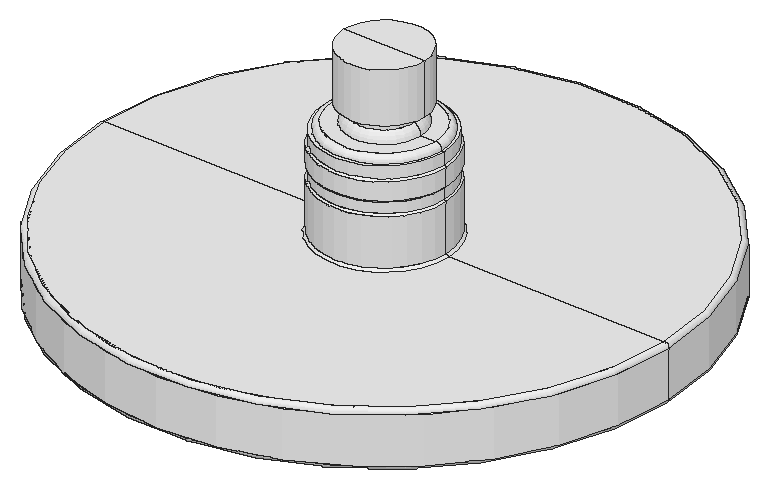
Revit family "Showerhead-American_Standard-Modern_Rain-1660.681.002", category Plumbing Fixtures, Revit 2015
Parameters (values of type "1660.681.002")
  Width = 6 3/4"  # constant formula
  Waste Connection = no
  WFU = 4  # constant formula
  Vent Connection = no
  URL = "http://www.americanstandard-us.com"
  Tempered Water Connection Radius = 1/4"
  Tempered Water Connection Diameter = Tempered Water Connection Radius * 2  # 1/2"
  Revised Date = "11/28/2019"  # constant formula
  Product Page URL = "https://www.americanstandard-us.com/bathroom/shower-faucets/6-34-inch-modern-rain-showerhead-22444"
  Product Documentation Link = "https://www.americanstandard-us.com/-/media/sites/asus/files/product-specs/bulk/specsheet1660681.pdf?la=en"
  Model = "1660.681.002"
  Material = "Brass-American Standard-002-Polished Chrome"
  Manufacturer = "American Standard"
  Height = 2 5/8"  # constant formula
  HWFU = 3  # constant formula
  HW Connection = yes
  Flow Rate = "2.5 gpm (9.5 L/min)"  # constant formula
  Finish = Brass-American Standard-002-Polished Chrome
  Description = "6-3/4 Inch Modern Rain Showerhead"  # constant formula
  CWFU = 3  # constant formula
  CW Connection = yes
  Assembly Code = "D2010700"
Types (3): name | Model | Material | Finish
  (no name) | "1660.681.002" | "Brass-American Standard-002-Polished Chrome" | Brass-American Standard-002-Polished Chrome
  1660.681.002 | "1660.681.002" | "Brass-American Standard-002-Polished Chrome" | Brass-American Standard-002-Polished Chrome
  1660.681.295 | "1660.681.295" | "Brass-American Standard-295-Brushed Nickel" | Brass-American Standard-295-Brushed Nickel
Reference planes (in)
  plane 1 "Center (Front/Back)": y = 0
  plane 2: z = 0
  plane 3 "Center (Left/Right)": x = 0
  plane 4: x = -3.375
  plane 5: x = 3.375
Forms (in)
  Revolve 1, solid, material "Brass-American Standard-002-Polished Chrome" <- "Finish"
    sketch origin (0, 0, -2.625) x (1, 0, 0) y (0, 0, 1)
      loop
        line (-0.47738, 2.625) -> (-0.47738, 2.03037) -> (-0.36394, 2.03037) -> (-0.36394, 1.93218)
        arc (-0.36394, 1.93218) -> (-0.40845, 1.87908) -> (-0.43218, 1.81398) r 0.20018
        line (-0.43218, 1.81398) -> (-0.60499, 1.81398)
        arc (-0.60499, 1.81398) -> (-0.6557, 1.79298) -> (-0.6767, 1.74226) r 0.07172
        line (-0.6767, 1.74226) -> (-0.71212, 1.74226) -> (-0.71212, 1.60647) -> (-0.73459, 1.584) -> (-0.73459, 1.37921) -> (-0.71212, 1.35674) -> (-0.71212, 1.2369) -> (-0.73459, 1.21442) -> (-0.73459, 0.6702) -> (-0.76201, 0.64278) -> (-3.31867, 0.64278)
        arc (-3.31867, 0.64278) -> (-3.3585, 0.62628) -> (-3.375, 0.58645) r 0.05633
        line (-3.375, 0.58645) -> (-3.375, 0.0417)
        arc (-3.375, 0.0417) -> (-3.36279, 0.01221) -> (-3.3333, 0) r 0.0417
        line (-3.3333, 0) -> (0, 0) -> (0, 2.625) -> (-0.47738, 2.625)
      axis (0, 0) -> (0, 2.625)
    angle from 0 to 360
  Extrusion 2, solid, material "Rubber-American Standard-Grey"
    sketch origin (0, 0, 0) x (1, 0, 0) y (0, 1, 0)
      loop
        circle (0, 2.8125) r 0.09005
      loop
        circle (2.8125, 0) r 0.09005
      loop
        circle (-2.8125, 0) r 0.09005
      loop
        circle (0, -2.8125) r 0.09005
      loop
        circle (1.98874, 1.98874) r 0.09005
      loop
        circle (1.98874, -1.98874) r 0.09005
      loop
        circle (-1.98874, 1.98874) r 0.09005
      loop
        circle (-1.98874, -1.98874) r 0.09005
      loop
        circle (2.59841, 1.0763) r 0.09005
      loop
        circle (1.0763, -2.59841) r 0.09005
      loop
        circle (-1.0763, 2.59841) r 0.09005
      loop
        circle (-2.59841, -1.0763) r 0.09005
      loop
        circle (2.59841, -1.0763) r 0.09005
      loop
        circle (-1.0763, -2.59841) r 0.09005
      loop
        circle (1.0763, 2.59841) r 0.09005
      loop
        circle (-2.59841, 1.0763) r 0.09005
      loop
        circle (0.46334, 2.32937) r 0.09005
      loop
        circle (1.31948, 1.97474) r 0.09005
      loop
        circle (1.97474, 1.31948) r 0.09005
      loop
        circle (2.32937, 0.46334) r 0.09005
      loop
        circle (2.32937, -0.46334) r 0.09005
      loop
        circle (1.97474, -1.31948) r 0.09005
      loop
        circle (1.31948, -1.97474) r 0.09005
      loop
        circle (0.46334, -2.32937) r 0.09005
      loop
        circle (-0.46334, -2.32937) r 0.09005
      loop
        circle (-1.31948, -1.97474) r 0.09005
      loop
        circle (-1.97474, -1.31948) r 0.09005
      loop
        circle (-2.32937, -0.46334) r 0.09005
      loop
        circle (-2.32937, 0.46334) r 0.09005
      loop
        circle (-1.97474, 1.31948) r 0.09005
      loop
        circle (-1.31948, 1.97474) r 0.09005
      loop
        circle (-0.46334, 2.32937) r 0.09005
      loop
        circle (0, 1.8125) r 0.09005
      loop
        circle (0.69361, 1.67453) r 0.09005
      loop
        circle (1.28163, 1.28163) r 0.09005
      loop
        circle (1.67453, 0.69361) r 0.09005
      loop
        circle (1.8125, 0) r 0.09005
      loop
        circle (1.67453, -0.69361) r 0.09005
      loop
        circle (1.28163, -1.28163) r 0.09005
      loop
        circle (0.69361, -1.67453) r 0.09005
      loop
        circle (0, -1.8125) r 0.09005
      loop
        circle (-0.69361, -1.67453) r 0.09005
      loop
        circle (-1.28163, -1.28163) r 0.09005
      loop
        circle (-1.67453, -0.69361) r 0.09005
      loop
        circle (-1.8125, 0) r 0.09005
      loop
        circle (-1.67453, 0.69361) r 0.09005
      loop
        circle (-1.28163, 1.28163) r 0.09005
      loop
        circle (-0.69361, 1.67453) r 0.09005
      loop
        circle (0.25605, 1.28728) r 0.09005
      loop
        circle (0.7429, 1.08201) r 0.09005
      loop
        circle (1.10042, 0.71535) r 0.09005
      loop
        circle (1.2904, 0.23978) r 0.09005
      loop
        circle (1.28393, -0.27229) r 0.09005
      loop
        circle (1.09129, -0.72919) r 0.09005
      loop
        circle (0.71534, -1.10042) r 0.09005
      loop
        circle (0.23977, -1.29041) r 0.09005
      loop
        circle (-0.2723, -1.28394) r 0.09005
      loop
        circle (-0.74292, -1.08201) r 0.09005
      loop
        circle (-1.09132, -0.72918) r 0.09005
      loop
        circle (-1.29042, -0.23978) r 0.09005
      loop
        circle (-1.28395, 0.27229) r 0.09005
      loop
        circle (-1.08202, 0.74291) r 0.09005
      loop
        circle (-0.71536, 1.10043) r 0.09005
      loop
        circle (-0.23979, 1.29041) r 0.09005
      loop
        circle (0, 0.8125) r 0.09005
      loop
        circle (0.45989, 0.66982) r 0.09005
      loop
        circle (0.75826, 0.29188) r 0.09005
      loop
        circle (0.79032, -0.18857) r 0.09005
      loop
        circle (0.5448, -0.60279) r 0.09005
      loop
        circle (0.10793, -0.8053) r 0.09005
      loop
        circle (-0.36684, -0.72497) r 0.09005
      loop
        circle (-0.71277, -0.39002) r 0.09005
      loop
        circle (-0.80836, 0.08191) r 0.09005
      loop
        circle (-0.57452, 0.57452) r 0.09005
      loop
        circle (0, 0.3125) r 0.09005
      loop
        circle (0.3125, 0) r 0.09005
      loop
        circle (-0.3125, 0) r 0.09005
      loop
        circle (0, -0.3125) r 0.09005
    from -2.64586 to -2.50239
Lines and regions (in)
  Masking region 1
    outline origin (0, 0, 0) x (1, 0, 0) y (0, 1, 0)
      loop
        circle (0, 0) r 3.375
  symbolic lines, detail levels medium+fine
    curve 1: circle (0, 0, 0) r 0.73459 normal (0, 0, 1)
    curve 2: circle (0, 0, 0) r 0.71212 normal (0, 0, 1)
  symbolic lines, detail levels fine
    curve 3: circle (0, 0, 0) r 0.47738 normal (0, 0, 1)
Connectors (in)
  piping at (0, 0, 0), diameter 0.5, driven by "Tempered Water Connection Diameter"
    settings: on Revolve 1, index 2, connector inside diameter 24", connector length 0", flow factor 0, pipe flow 0 GPM, pressure drop 0.00 psi, fitting loss kfactor 0, connector angle 0.00°, fixture units 0, engagement length 0", angle of deflection 0.00°, flow configuration 0, flow direction 1, fitting loss method 0, system type 29, joint type 0, gender type 0, connector reference index -1, connector utility 0, adjustable connector no, is connector primary yes, connector description ""
